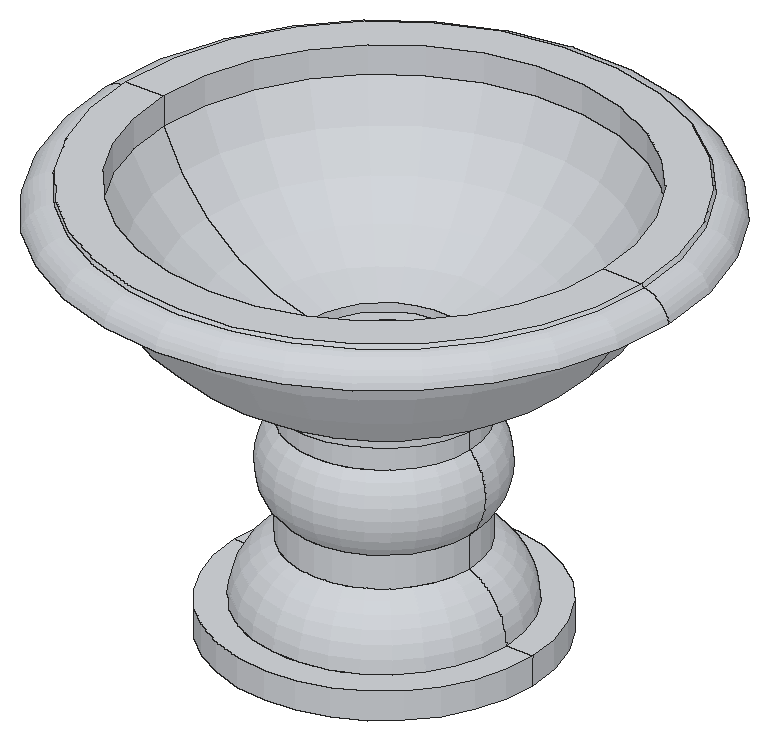
Revit family
Parameters (values of type "SBSP-134.5")
  Width = 5' - 8 3/4"
  URL = "www.strombergarchitectural.com"
  Top Material = GFRC
  Submittal Sheet = "www.strombergarchitectural.com/images/materials/gfrc/submittal/gfrc-submittal-sheet.pdf"
  Specifications = "www.strombergarchitectural.com/gfrcspecifications"
  Model Cut-sheet = "www.strombergarchitectural.com/products/bollards/design/SBSP-134"
  Model = "SBSP-134"
  Manufacturer = "Stromberg Architectural Products"
  Guidebook = "www.strombergarchitectural.com/images/materials/gfrc/handbooks/gfrc_guidebook.pdf"
  Frame Material = none
  Description = "GFRC Bollard"
  Assembly Code = ""
  Height = 4' - 0"
  XXX.5 = yes
  XXX.4 = no
  XXX.3 = no
  XXX.2 = no
  XXX.1 = no
Types (6): name | Width | Guidebook | Height | XXX.5 | XXX.4 | XXX.3 | XXX.2 | XXX.1
  (no name) | 5' - 8 3/4" | "www.strombergarchitectural.com/images/materials/gfrc/handbooks/gfrc_guidebook.pdf" | 4' - 0" | yes | no | no | no | no
  SBSP-134.3 | 4' - 3 1/2" | "www.strombergarchitectural.com/images/materials/gfrc/handbooks/gfrc_guidebook.pdf" | 3' - 0" | no | no | yes | no | no
  SBSP-134.1 | 2' - 10 1/2" | "www.strombergarchitectural.com/images/materials/gfrc/handbooks/gfrc_guidebook.pdf   \r\n(http://www.strombergarchitectural.com/images/materials/gfrc/handbooks/gfrc_guidebook.pdf" | 2' - 0" | no | no | no | no | yes
  SBSP-134.2 | 3' - 7" | "www.strombergarchitectural.com/images/materials/gfrc/handbooks/gfrc_guidebook.pdf" | 2' - 6" | no | no | no | yes | no
  SBSP-134.4 | 5' - 0 1/4" | "www.strombergarchitectural.com/images/materials/gfrc/handbooks/gfrc_guidebook.pdf" | 3' - 6" | no | yes | no | no | no
  SBSP-134.5 | 5' - 8 3/4" | "www.strombergarchitectural.com/images/materials/gfrc/handbooks/gfrc_guidebook.pdf" | 4' - 0" | yes | no | no | no | no
Reference planes (in)
  plane 1 "Center (Front/Back)": y = 3.74847
  plane 2: z = 0
  plane 3 "Center (Left/Right)": x = 0.7278
Forms (in)
  Revolve 1, solid, visible <- "XXX.1"
    sketch origin (0, 3.74847, 0) x (1, 0, 0) y (0, 0, 1)
      loop
        line (14.05773, 24) -> (14.05773, 22.40028)
        arc (14.05773, 22.40028) -> (10.56135, 17.56082) -> (5.13139, 15.07877) r 11.6909
        line (5.13139, 15.07877) -> (5.13139, 14.60163) -> (4.36468, 14.60163) -> (4.36468, 10.58428)
        arc (4.36468, 10.58428) -> (5.32451, 9.09292) -> (4.36468, 7.60156) r 1.63853
        line (4.36468, 7.60156) -> (4.36468, 3.72396)
        arc (4.36468, 3.72396) -> (5.9052, 3.1153) -> (6.57353, 1.59972) r 2.18051
        line (6.57353, 1.59972) -> (0.7278, 1.59972) -> (0.7278, 0) -> (9.77328, 0) -> (9.77328, 1.59972) -> (8.17356, 1.59972)
        arc (8.17356, 1.59972) -> (7.55872, 3.61079) -> (5.9644, 4.98213) r 3.78023
        line (5.9644, 4.98213) -> (5.9644, 6.79181)
        arc (5.9644, 6.79181) -> (6.92424, 9.09292) -> (5.9644, 11.39402) r 3.23825
        line (5.9644, 11.39402) -> (5.9644, 13.00191) -> (6.73111, 13.00191) -> (6.73111, 13.80177)
        arc (6.73111, 13.80177) -> (12.31462, 16.97719) -> (15.75685, 22.40028) r 13.29062
        line (15.75685, 22.40028) -> (17.95417, 22.40028)
        arc (17.95417, 22.40028) -> (17.44322, 23.37239) -> (16.43066, 23.79758) r 1.62517
        line (16.43066, 23.79758) -> (16.32945, 24) -> (14.05773, 24)
      axis (0.7278, 24) -> (0.7278, 0)
    angle from 0 to 360
  Revolve 2, solid, visible <- "XXX.2"
    sketch origin (0, 3.74847, 0) x (1, 0, 0) y (0, 0, 1)
      loop
        line (17.31496, 30.0052) -> (17.31496, 28.0052)
        arc (17.31496, 28.0052) -> (12.94373, 21.95483) -> (6.1551, 18.85173) r 14.61616
        line (6.1551, 18.85173) -> (6.1551, 18.2552) -> (5.19655, 18.2552) -> (5.19655, 13.23264)
        arc (5.19655, 13.23264) -> (6.39655, 11.36812) -> (5.19655, 9.5036) r 2.04852
        line (5.19655, 9.5036) -> (5.19655, 4.65576)
        arc (5.19655, 4.65576) -> (7.12253, 3.89481) -> (7.95809, 2) r 2.72611
        line (7.95809, 2) -> (0.7278, 2) -> (0.7278, 0) -> (11.95847, 0) -> (11.95847, 2) -> (9.95847, 2)
        arc (9.95847, 2) -> (9.18979, 4.51427) -> (7.19655, 6.22874) r 4.72611
        line (7.19655, 6.22874) -> (7.19655, 8.49124)
        arc (7.19655, 8.49124) -> (8.39655, 11.36812) -> (7.19655, 14.245) r 4.04852
        line (7.19655, 14.245) -> (7.19655, 16.2552) -> (8.1551, 16.2552) -> (8.1551, 17.2552)
        arc (8.1551, 17.2552) -> (15.13569, 21.22517) -> (19.43923, 28.0052) r 16.61616
        line (19.43923, 28.0052) -> (22.18635, 28.0052)
        arc (22.18635, 28.0052) -> (21.54756, 29.22055) -> (20.28164, 29.75213) r 2.03181
        line (20.28164, 29.75213) -> (20.1551, 30.0052) -> (17.31496, 30.0052)
      axis (0.7278, 30.0052) -> (0.7278, 0)
    angle from 0 to 360
  Revolve 3, solid, visible <- "XXX.3"
    sketch origin (0, 3.74847, 0) x (1, 0, 0) y (0, 0, 1)
      loop
        line (20.59769, 36) -> (20.59769, 33.60042)
        arc (20.59769, 33.60042) -> (15.35312, 26.34123) -> (7.20818, 22.61816) r 17.53635
        line (7.20818, 22.61816) -> (7.20818, 21.90244) -> (6.05812, 21.90244) -> (6.05812, 15.87642)
        arc (6.05812, 15.87642) -> (7.49787, 13.63938) -> (6.05812, 11.40234) r 2.45779
        line (6.05812, 11.40234) -> (6.05812, 5.58594)
        arc (6.05812, 5.58594) -> (8.3689, 4.67296) -> (9.37139, 2.39958) r 3.27077
        line (9.37139, 2.39958) -> (0.7278, 2.39958) -> (0.7278, 0) -> (14.17102, 0) -> (14.17102, 2.39958) -> (11.77143, 2.39958)
        arc (11.77143, 2.39958) -> (10.84917, 5.41618) -> (8.4577, 7.47319) r 5.67035
        line (8.4577, 7.47319) -> (8.4577, 10.18772)
        arc (8.4577, 10.18772) -> (9.89745, 13.63938) -> (8.4577, 17.09104) r 4.85738
        line (8.4577, 17.09104) -> (8.4577, 19.50286) -> (9.60777, 19.50286) -> (9.60777, 20.70265)
        arc (9.60777, 20.70265) -> (17.98302, 25.46579) -> (23.14637, 33.60042) r 19.93594
        line (23.14637, 33.60042) -> (26.44235, 33.60042)
        arc (26.44235, 33.60042) -> (25.67593, 35.05858) -> (24.15709, 35.69636) r 2.43775
        line (24.15709, 35.69636) -> (24.00527, 36) -> (20.59769, 36)
      axis (0.7278, 36) -> (0.7278, 0)
    angle from 0 to 360
  Revolve 4, solid, visible <- "XXX.4"
    sketch origin (0, 3.74847, 0) x (1, 0, 0) y (0, 0, 1)
      loop
        line (24.0083, 42) -> (24.0083, 39.20049)
        arc (24.0083, 39.20049) -> (17.88963, 30.73143) -> (8.38721, 26.38785) r 20.45908
        line (8.38721, 26.38785) -> (8.38721, 25.55285) -> (7.04547, 25.55285) -> (7.04547, 18.52249)
        arc (7.04547, 18.52249) -> (8.72517, 15.91261) -> (7.04547, 13.30273) r 2.86742
        line (7.04547, 13.30273) -> (7.04547, 6.51693)
        arc (7.04547, 6.51693) -> (9.74137, 5.45178) -> (10.91095, 2.79951) r 3.81589
        line (10.91095, 2.79951) -> (0.7278, 2.79951) -> (0.7278, 0) -> (16.51051, 0) -> (16.51051, 2.79951) -> (13.711, 2.79951)
        arc (13.711, 2.79951) -> (12.63503, 6.31888) -> (9.84498, 8.71873) r 6.61541
        line (9.84498, 8.71873) -> (9.84498, 11.88568)
        arc (9.84498, 11.88568) -> (11.52469, 15.91261) -> (9.84498, 19.93954) r 5.66694
        line (9.84498, 19.93954) -> (9.84498, 22.75334) -> (11.18672, 22.75334) -> (11.18672, 24.15309)
        arc (11.18672, 24.15309) -> (20.95785, 29.71009) -> (26.98176, 39.20049) r 23.25859
        line (26.98176, 39.20049) -> (30.82707, 39.20049)
        arc (30.82707, 39.20049) -> (29.93291, 40.90168) -> (28.16093, 41.64576) r 2.84405
        line (28.16093, 41.64576) -> (27.98381, 42) -> (24.0083, 42)
      axis (0.7278, 42) -> (0.7278, 0)
    angle from 0 to 360
  Revolve 5, solid, visible <- "XXX.5"
    sketch origin (0, 3.74847, 0) x (1, 0, 0) y (0, 0, 1)
      loop
        line (27.28157, 48) -> (27.28157, 44.80055)
        arc (27.28157, 44.80055) -> (20.28882, 35.12164) -> (9.4289, 30.15754) r 23.3818
        line (9.4289, 30.15754) -> (9.4289, 29.20326) -> (7.89548, 29.20326) -> (7.89548, 21.16855)
        arc (7.89548, 21.16855) -> (9.81515, 18.18584) -> (7.89548, 15.20312) r 3.27706
        line (7.89548, 15.20312) -> (7.89548, 7.44792)
        arc (7.89548, 7.44792) -> (10.97651, 6.23061) -> (12.31317, 3.19945) r 4.36102
        line (12.31317, 3.19945) -> (0.7278, 3.19945) -> (0.7278, 0) -> (18.71268, 0) -> (18.71268, 3.19945) -> (15.51323, 3.19945)
        arc (15.51323, 3.19945) -> (14.28355, 7.22158) -> (11.09492, 9.96426) r 7.56047
        line (11.09492, 9.96426) -> (11.09492, 13.58363)
        arc (11.09492, 13.58363) -> (13.01459, 18.18584) -> (11.09492, 22.78805) r 6.4765
        line (11.09492, 22.78805) -> (11.09492, 26.00381) -> (12.62834, 26.00381) -> (12.62834, 27.60354)
        arc (12.62834, 27.60354) -> (23.79535, 33.95438) -> (30.67981, 44.80055) r 26.58125
        line (30.67981, 44.80055) -> (35.07445, 44.80055)
        arc (35.07445, 44.80055) -> (34.05255, 46.74477) -> (32.02744, 47.59515) r 3.25034
        line (32.02744, 47.59515) -> (31.82501, 48) -> (27.28157, 48)
      axis (0.7278, 48) -> (0.7278, 0)
    angle from 0 to 360
Dimensions and locks (in)
  aligned and locked: level to plane 2
